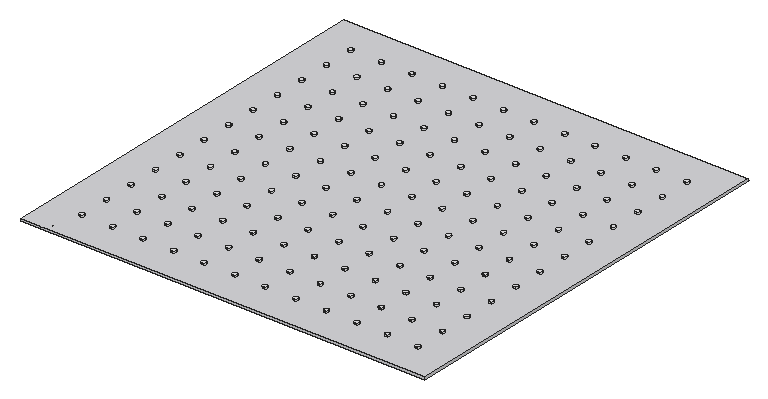
Revit family "Shower-Showerhead-KOHLER-Rainheads-K-9301IN_1", category Plumbing Fixtures, host Face, Revit 2017
Family settings
  Host = Face
  Round Connector Dimension = Use Diameter
  Part Type = Normal
  OmniClass Number = 23.31.17.00
  OmniClass Title = Showers
  Cut with Voids When Loaded = No
  Shared = No
  Room Calculation Point = No
Parameters (values of type "CP-Polished Chrome")
  Width = 15 15/128"  # constant formula
  WaterSense Certified = 1 = 0  # no
  Waste Water Outlet = "Waste Water Outlet"  # constant formula
  Waste Connection = 1 = 0  # no
  Vent Connection = 1 = 0  # no
  URL = "https://www.kohler.co.in/"
  Type = 1
  Tempered Water Inlet = "Tempered Water Inlet"  # constant formula
  Product Page URL = ""
  Product Name = "Rainheads"  # constant formula
  Product Documentation Link = ""
  Pressure = 80.00 psi  # constant formula
  Panel Thickness = 0"
  Model = "K-9301IN-CP"  # constant formula
  Material = "Premium Metal Construction"  # constant formula
  Master Format 2014 Name = "Residential Showers"  # constant formula
  Master Format 2014 = "22 42 23"  # constant formula
  Manufacturer Address = "Ambience Office Tower NH-8 Gurgaon / Gurugram Haryana , 122001"  # constant formula
  Manufacturer = "KOHLER Co."  # constant formula
  Length = 15 15/128"  # constant formula
  Hot Water Inlet = "Hot Water Inlet"  # constant formula
  Height = 2 103/256"  # constant formula
  HW Connection = 1 = 1  # yes
  Flow Rate = 2.5 GPM  # constant formula
  Finish = Kohler-Metal-CP-Polished_Chrome
  Environmental Product Declaration = ""
  Drain Included = 1 = 0  # no
  Description = "Loure square 381mm ultra thin showerhead"  # constant formula
  Default Elevation = 0"
  Declare Label = ""
  Date Modified = "11/03/2020"  # constant formula
  Date Created = "11/03/2020"  # constant formula
  Copyright = "Copyright KOHLER Co."  # constant formula
  Contact Us = "https://www.kohler.co.in/contact-us"
  Cold Water Inlet = "Cold Water Inlet"  # constant formula
  CW Connection = 1 = 0  # no
  Assembly Code = "D2010700"
  ADA Compliant = 1 = 0  # no
Reference planes (in)
  plane 1 "Center (Front/Back)": y = 0
  plane 2: z = 0
  plane 3 "Center (Left/Right)": x = 0
  plane 4: y = 0.49606
  plane 5: y = -0.49606
  plane 6: z = 2.40234
  plane 7: y = 7.55906
  plane 8: x = -7.55906
  plane 9: x = 7.55813
  plane 10: y = -7.55813
  plane 11: x = -0.49609
  plane 12: x = 0.49609
Dimensions and locks (in)
  "Height": plane 6 to level
  "Width": plane 8 to plane 9
  "Length": plane 10 to plane 7
  aligned and locked: plane 2 to host face
  aligned and locked: level to host face
  aligned and locked: plane 4 to nested 1
  aligned and locked: plane 11 to nested 1
Automatic sketch dimensions
  host sketch curve to host sketch curve = 96"  (x2)
Nested families (in)
  nested 1: "K-9301IN" at (0, 0, 0), type "K-9301IN"
Connectors (in)
  piping at (0, 0, 0), diameter 0.5, driven by "HW Connection", driven by "Tempered Water Inlet", driven by "Flow Rate", driven by "Pressure"
    settings: on nested 1, index 1, connector inside diameter 24", connector length 0", flow factor 0, pipe flow 2.5 GPM, pressure drop 80.00 psi, fitting loss kfactor 0, connector angle 0.00°, fixture units 0, engagement length 0", angle of deflection 0.00°, flow configuration 1, flow direction 1, fitting loss method 4, system type 19, joint type 0, gender type 0, connector reference index -1, connector utility 1, adjustable connector no, is connector primary yes, connector description "Tempered Water Inlet"
Definition of nested family "K-9301IN"
  Parameters (values of type "K-9301IN")
    Material = none
  Reference planes (in)
    plane 1 "Center (Front/Back)": y = 0
    plane 2: z = 0
    plane 3 "Center (Left/Right)": x = 0
    plane 4: y = 0.49606
    plane 5: y = -0.49606
    plane 6: z = 2.40159
    plane 7: y = 7.55906
    plane 8: y = -7.55906
    plane 9: x = -7.55906
    plane 10: x = 7.55906
    plane 11: x = -0.49609
    plane 12: x = 0.49609
  Forms (in)
    Revolve 1, solid, material <- "Material", detail levels medium+fine
      sketch origin (0, 0, 0) x (0, 1, 0) y (0, 0, 1)
        loop
          line (0, 0) -> (0, 2.06693) -> (-0.7185, 2.06693) -> (-0.7185, 0.98819) -> (-0.44205, 0.98819)
          arc (-0.44205, 0.98819) -> (-0.3934, 0.92375) -> (-0.33489, 0.86809) r 0.49361
          arc (-0.33489, 0.86809) -> (-0.30972, 0.80361) -> (-0.3526, 0.74926) r 0.06965
          arc (-0.3526, 0.74926) -> (-0.45684, 0.665) -> (-0.49606, 0.53684) r 0.22899
          line (-0.49606, 0.53684) -> (-0.49606, 0.01986)
          arc (-0.49606, 0.01986) -> (-0.49025, 0.00582) -> (-0.4762, 0) r 0.01986
          line (-0.4762, 0) -> (0, 0)
        axis (0, 2.06693) -> (0, 0)
      angle from 0 to 360
    Extrusion 2, solid, material <- "Material", detail levels medium+fine
      sketch origin (0, 0, 0) x (0, 1, 0) y (0, 0, 1)
        loop
          line (6.92913, 2.32283) -> (-6.92913, 2.32283) -> (-6.92913, 2.12297)
          arc (-6.92913, 2.12297) -> (-6.91272, 2.08334) -> (-6.8731, 2.06693) r 0.05604
          line (-6.8731, 2.06693) -> (6.8731, 2.06693)
          arc (6.8731, 2.06693) -> (6.91272, 2.08334) -> (6.92913, 2.12297) r 0.05604
          line (6.92913, 2.12297) -> (6.92913, 2.32283)
      from -6.92913 to 6.92913
    Extrusion 3, solid, material <- "Material", detail levels medium+fine
      sketch origin (0, 0, 0) x (1, 0, 0) y (0, 0, 1)
        loop
          line (-7.55906, 2.32283) -> (7.55906, 2.32283) -> (7.55906, 2.40159) -> (-7.55906, 2.40159) -> (-7.55906, 2.32283)
      from -7.55906 to 7.55906
    Extrusion 4, solid, detail levels medium+fine
      sketch origin (0, 0, 0) x (1, 0, 0) y (0, 1, 0)
        loop
          circle (-0.57052, 6.28093) r 0.08381
        loop
          circle (-1.71358, 6.28093) r 0.08381
        loop
          circle (-2.85405, 6.28093) r 0.08381
        loop
          circle (-4.00018, 6.28093) r 0.08381
        loop
          circle (-5.13738, 6.28093) r 0.08381
        loop
          circle (-6.28188, 6.28093) r 0.08381
        loop
          circle (-6.28188, 5.13698) r 0.08381
        loop
          circle (-5.13743, 5.13698) r 0.08381
        loop
          circle (-3.99214, 5.13698) r 0.08381
        loop
          circle (-2.8546, 5.13698) r 0.08381
        loop
          circle (-1.71395, 5.13698) r 0.08381
        loop
          circle (-0.5698, 5.13698) r 0.08381
        loop
          circle (-0.5698, 3.98727) r 0.08381
        loop
          circle (-1.71268, 3.98727) r 0.08381
        loop
          circle (-2.85685, 3.98727) r 0.08381
        loop
          circle (-3.99496, 3.98727) r 0.08381
        loop
          circle (-5.13601, 3.98727) r 0.08381
        loop
          circle (-6.27903, 3.98727) r 0.08381
        loop
          circle (-6.27903, 2.84953) r 0.08381
        loop
          circle (-5.13782, 2.84953) r 0.08381
        loop
          circle (-3.99267, 2.84953) r 0.08381
        loop
          circle (-2.85369, 2.84953) r 0.08381
        loop
          circle (-1.70991, 2.84953) r 0.08381
        loop
          circle (-0.57088, 2.84953) r 0.08381
        loop
          circle (-0.57088, 1.70925) r 0.08381
        loop
          circle (-1.71034, 1.70925) r 0.08381
        loop
          circle (-2.85346, 1.70925) r 0.08381
        loop
          circle (-3.99568, 1.70925) r 0.08381
        loop
          circle (-5.13657, 1.70925) r 0.08381
        loop
          circle (-6.27901, 1.70925) r 0.08381
        loop
          circle (-6.27901, 0.56971) r 0.08381
        loop
          circle (-5.13921, 0.56971) r 0.08381
        loop
          circle (-3.9962, 0.56971) r 0.08381
        loop
          circle (-2.84787, 0.56971) r 0.08381
        loop
          circle (-1.70725, 0.56971) r 0.08381
        loop
          circle (-0.57244, 0.56971) r 0.08381
        loop
          circle (-0.57244, -0.5744) r 0.08381
        loop
          circle (-1.71575, -0.5744) r 0.08381
        loop
          circle (-2.85712, -0.5744) r 0.08381
        loop
          circle (-3.99316, -0.5744) r 0.08381
        loop
          circle (-5.1314, -0.5744) r 0.08381
        loop
          circle (-6.27895, -0.5744) r 0.08381
        loop
          circle (-0.57052, -6.28093) r 0.08381
        loop
          circle (-1.71358, -6.28093) r 0.08381
        loop
          circle (-2.85405, -6.28093) r 0.08381
        loop
          circle (-4.00018, -6.28093) r 0.08381
        loop
          circle (-5.13738, -6.28093) r 0.08381
        loop
          circle (-6.28188, -6.28093) r 0.08381
        loop
          circle (-6.28188, -5.13698) r 0.08381
        loop
          circle (-5.13743, -5.13698) r 0.08381
        loop
          circle (-3.99214, -5.13698) r 0.08381
        loop
          circle (-2.8546, -5.13698) r 0.08381
        loop
          circle (-1.71395, -5.13698) r 0.08381
        loop
          circle (-0.5698, -5.13698) r 0.08381
        loop
          circle (-0.5698, -3.98727) r 0.08381
        loop
          circle (-1.71268, -3.98727) r 0.08381
        loop
          circle (-2.85685, -3.98727) r 0.08381
        loop
          circle (-3.99496, -3.98727) r 0.08381
        loop
          circle (-5.13601, -3.98727) r 0.08381
        loop
          circle (-6.27903, -3.98727) r 0.08381
        loop
          circle (-6.27903, -2.84953) r 0.08381
        loop
          circle (-5.13782, -2.84953) r 0.08381
        loop
          circle (-3.99267, -2.84953) r 0.08381
        loop
          circle (-2.85369, -2.84953) r 0.08381
        loop
          circle (-1.70991, -2.84953) r 0.08381
        loop
          circle (-0.57088, -2.84953) r 0.08381
        loop
          circle (-0.57088, -1.70925) r 0.08381
        loop
          circle (-1.71034, -1.70925) r 0.08381
        loop
          circle (-2.85346, -1.70925) r 0.08381
        loop
          circle (-3.99568, -1.70925) r 0.08381
        loop
          circle (-5.13657, -1.70925) r 0.08381
        loop
          circle (-6.27901, -1.70925) r 0.08381
        loop
          circle (0.57052, 6.28093) r 0.08381
        loop
          circle (1.71358, 6.28093) r 0.08381
        loop
          circle (2.85405, 6.28093) r 0.08381
        loop
          circle (4.00018, 6.28093) r 0.08381
        loop
          circle (5.13738, 6.28093) r 0.08381
        loop
          circle (6.28188, 6.28093) r 0.08381
        loop
          circle (6.28188, 5.13698) r 0.08381
        loop
          circle (5.13743, 5.13698) r 0.08381
        loop
          circle (3.99214, 5.13698) r 0.08381
        loop
          circle (2.8546, 5.13698) r 0.08381
        loop
          circle (1.71395, 5.13698) r 0.08381
        loop
          circle (0.5698, 5.13698) r 0.08381
        loop
          circle (0.5698, 3.98727) r 0.08381
        loop
          circle (1.71268, 3.98727) r 0.08381
        loop
          circle (2.85685, 3.98727) r 0.08381
        loop
          circle (3.99496, 3.98727) r 0.08381
        loop
          circle (5.13601, 3.98727) r 0.08381
        loop
          circle (6.27903, 3.98727) r 0.08381
        loop
          circle (6.27903, 2.84953) r 0.08381
        loop
          circle (5.13782, 2.84953) r 0.08381
        loop
          circle (3.99267, 2.84953) r 0.08381
        loop
          circle (2.85369, 2.84953) r 0.08381
        loop
          circle (1.70991, 2.84953) r 0.08381
        loop
          circle (0.57088, 2.84953) r 0.08381
        loop
          circle (0.57088, 1.70925) r 0.08381
        loop
          circle (1.71034, 1.70925) r 0.08381
        loop
          circle (2.85346, 1.70925) r 0.08381
        loop
          circle (3.99568, 1.70925) r 0.08381
        loop
          circle (5.13657, 1.70925) r 0.08381
        loop
          circle (6.27901, 1.70925) r 0.08381
        loop
          circle (6.27901, 0.56971) r 0.08381
        loop
          circle (5.13921, 0.56971) r 0.08381
        loop
          circle (3.9962, 0.56971) r 0.08381
        loop
          circle (2.84787, 0.56971) r 0.08381
        loop
          circle (1.70725, 0.56971) r 0.08381
        loop
          circle (0.57244, 0.56971) r 0.08381
        loop
          circle (0.57244, -0.5744) r 0.08381
        loop
          circle (1.71575, -0.5744) r 0.08381
        loop
          circle (2.85712, -0.5744) r 0.08381
        loop
          circle (3.99316, -0.5744) r 0.08381
        loop
          circle (5.1314, -0.5744) r 0.08381
        loop
          circle (6.27895, -0.5744) r 0.08381
        loop
          circle (0.57052, -6.28093) r 0.08381
        loop
          circle (1.71358, -6.28093) r 0.08381
        loop
          circle (2.85405, -6.28093) r 0.08381
        loop
          circle (4.00018, -6.28093) r 0.08381
        loop
          circle (5.13738, -6.28093) r 0.08381
        loop
          circle (6.28188, -6.28093) r 0.08381
        loop
          circle (6.28188, -5.13698) r 0.08381
        loop
          circle (5.13743, -5.13698) r 0.08381
        loop
          circle (3.99214, -5.13698) r 0.08381
        loop
          circle (2.8546, -5.13698) r 0.08381
        loop
          circle (1.71395, -5.13698) r 0.08381
        loop
          circle (0.5698, -5.13698) r 0.08381
        loop
          circle (0.5698, -3.98727) r 0.08381
        loop
          circle (1.71268, -3.98727) r 0.08381
        loop
          circle (2.85685, -3.98727) r 0.08381
        loop
          circle (3.99496, -3.98727) r 0.08381
        loop
          circle (5.13601, -3.98727) r 0.08381
        loop
          circle (6.27903, -3.98727) r 0.08381
        loop
          circle (6.27903, -2.84953) r 0.08381
        loop
          circle (5.13782, -2.84953) r 0.08381
        loop
          circle (3.99267, -2.84953) r 0.08381
        loop
          circle (2.85369, -2.84953) r 0.08381
        loop
          circle (1.70991, -2.84953) r 0.08381
        loop
          circle (0.57088, -2.84953) r 0.08381
        loop
          circle (0.57088, -1.70925) r 0.08381
        loop
          circle (1.71034, -1.70925) r 0.08381
        loop
          circle (2.85346, -1.70925) r 0.08381
        loop
          circle (3.99568, -1.70925) r 0.08381
        loop
          circle (5.13657, -1.70925) r 0.08381
        loop
          circle (6.27901, -1.70925) r 0.08381
      from 2.25866 to 2.43036
    Extrusion 5, void
      sketch origin (0, 0, 0) x (0, 1, 0) y (0, 0, 1)
        loop
          line (0.19852, 0.16897) -> (0.19852, 0.53681)
          arc (0.19852, 0.53681) -> (0.18724, 0.58248) -> (0.15601, 0.61766) r 0.09816
          arc (0.15601, 0.61766) -> (0.08169, 0.65443) -> (0, 0.66867) r 0.29005
          arc (0, 0.66867) -> (-0.08169, 0.65443) -> (-0.15601, 0.61766) r 0.29005
          arc (-0.15601, 0.61766) -> (-0.18724, 0.58248) -> (-0.19852, 0.53681) r 0.09816
          line (-0.19852, 0.53681) -> (-0.19852, 0.16897)
          arc (-0.19852, 0.16897) -> (0, 0.12746) -> (0.19852, 0.16897) r 0.49544
      from 0.4315 to 0.68898
    Extrusion 6, void
      sketch origin (0, 0, 0) x (0, 1, 0) y (0, 0, 1)
        loop
          line (-0.20327, 1.46143) -> (-0.20327, 0.98819) -> (0.20551, 0.98819) -> (0.20551, 1.46143) -> (-0.20327, 1.46143)
      from 0.65066 to 1.01107
    Extrusion 7, void
      sketch origin (0, 0, 0) x (0, 1, 0) y (0, 0, 1)
        loop
          arc (0.19852, 0.53684) -> (0.18774, 0.58017) -> (0.15793, 0.61341) r 0.09254
          arc (0.15793, 0.61341) -> (0.0826, 0.65055) -> (0, 0.66575) r 0.30515
          arc (0, 0.66575) -> (-0.0826, 0.65055) -> (-0.15793, 0.61341) r 0.30515
          arc (-0.15793, 0.61341) -> (-0.18932, 0.57706) -> (-0.19825, 0.52987) r 0.09254
          line (-0.19825, 0.52987) -> (-0.19825, 0.16774)
          arc (-0.19825, 0.16774) -> (0.00014, 0.12745) -> (0.19852, 0.16785) r 0.50786
          line (0.19852, 0.16785) -> (0.19852, 0.53684)
      from -0.75336 to -0.46987
    Extrusion 8, void
      sketch origin (0, 0, 0) x (0, 1, 0) y (0, 0, 1)
        loop
          line (0.20386, 1.46462) -> (-0.20426, 1.46462) -> (-0.20426, 0.98819) -> (0.20386, 0.98819) -> (0.20386, 1.46462)
      from -0.91154 to -0.64986
    Revolve 9, solid, material <- "Material", detail levels coarse
      sketch origin (0, 0, 0) x (0, 1, 0) y (0, 0, 1)
        loop
          line (0, 0) -> (0.54127, 0) -> (0.54127, 0.59055)
          arc (0.54127, 0.59055) -> (0.49577, 0.78937) -> (0.54127, 0.98819) r 0.45715
          line (0.54127, 0.98819) -> (0.76119, 0.98819) -> (0.76119, 2.11735) -> (0, 2.11735) -> (0, 0)
        axis (0, 2.11735) -> (0, 0)
      angle from 0 to 360
    Extrusion 10, solid, material <- "Material", detail levels coarse
      sketch origin (0, 0, 0) x (0, 1, 0) y (0, 0, 1)
        loop
          line (0, 2.06693) -> (7.67717, 2.06693) -> (7.67717, 2.53878) -> (0, 2.53878) -> (-7.67717, 2.53878) -> (-7.67717, 2.06693) -> (0, 2.06693)
      from -7.55906 to 7.55906
    Extrusion 11, solid, material <- "Material"
      sketch origin (0, 0, 0) x (1, 0, 0) y (0, 1, 0)
        loop
          circle (0, 0) r 0.11875
      from 0 to 0.07029
  Cuts and joins
    Extrusion 5, Extrusion 6, Extrusion 7, Extrusion 8 cuts Revolve 1
    joined: Revolve 1, Extrusion 2, Extrusion 3
  Lines and regions (in)
    Masking region 1
      outline origin (0, 0, 0) x (0, 1, 0) y (0, 0, 1)
        loop
          line (0, 0) -> (0.47576, 0)
          arc (0.47576, 0) -> (0.49021, 0.00604) -> (0.49606, 0.02056) r 0.0203
          line (0.49606, 0.02056) -> (0.49606, 0.55063)
          arc (0.49606, 0.55063) -> (0.48573, 0.61182) -> (0.45587, 0.66623) r 0.18633
          arc (0.45587, 0.66623) -> (0.41889, 0.71048) -> (0.36992, 0.74094) r 0.18191
          arc (0.36992, 0.74094) -> (0.35401, 0.7489) -> (0.33821, 0.7571) r 1.21804
          arc (0.33821, 0.7571) -> (0.30933, 0.81446) -> (0.33821, 0.87181) r 0.0714
          arc (0.33821, 0.87181) -> (0.3961, 0.92468) -> (0.44205, 0.98819) r 0.38408
          line (0.44205, 0.98819) -> (0.7185, 0.98819) -> (0.7185, 2.06693) -> (6.8731, 2.06693)
          arc (6.8731, 2.06693) -> (6.91272, 2.08334) -> (6.92913, 2.12297) r 0.05604
          line (6.92913, 2.12297) -> (6.92913, 2.32283) -> (7.55906, 2.32283) -> (7.55906, 2.40159) -> (6.36459, 2.40159) -> (6.36459, 2.43284) -> (6.19668, 2.43284) -> (6.19668, 2.40159) -> (5.22081, 2.40159) -> (5.22081, 2.43349) -> (5.05283, 2.43349) -> (5.05283, 2.40159) -> (4.07111, 2.40159) -> (4.07111, 2.43294) -> (3.90336, 2.43294) -> (3.90336, 2.40159) -> (2.93357, 2.40159) -> (2.93357, 2.4334) -> (2.76546, 2.4334) -> (2.76546, 2.40159) -> (1.79296, 2.40159) -> (1.79296, 2.43549) -> (1.62546, 2.43549) -> (1.62546, 2.40159) -> (0.65318, 2.40159) -> (0.65318, 2.433) -> (0.48349, 2.433) -> (0.48349, 2.40159) -> (0, 2.40159) -> (-0.48349, 2.40159) -> (-0.48349, 2.433) -> (-0.65318, 2.433) -> (-0.65318, 2.40159) -> (-1.62546, 2.40159) -> (-1.62546, 2.43549) -> (-1.79296, 2.43549) -> (-1.79296, 2.40159) -> (-2.76546, 2.40159) -> (-2.76546, 2.4334) -> (-2.93357, 2.4334) -> (-2.93357, 2.40159) -> (-3.90336, 2.40159) -> (-3.90336, 2.43294) -> (-4.07111, 2.43294) -> (-4.07111, 2.40159) -> (-5.05283, 2.40159) -> (-5.05283, 2.43349) -> (-5.22081, 2.43349) -> (-5.22081, 2.40159) -> (-6.19668, 2.40159) -> (-6.19668, 2.43284) -> (-6.36459, 2.43284) -> (-6.36459, 2.40159) -> (-7.55906, 2.40159) -> (-7.55906, 2.32283) -> (-6.92913, 2.32283) -> (-6.92913, 2.12297)
          arc (-6.92913, 2.12297) -> (-6.91272, 2.08334) -> (-6.8731, 2.06693) r 0.05604
          line (-6.8731, 2.06693) -> (-0.7185, 2.06693) -> (-0.7185, 0.98819) -> (-0.44205, 0.98819)
          arc (-0.44205, 0.98819) -> (-0.3961, 0.92468) -> (-0.33821, 0.87181) r 0.38408
          arc (-0.33821, 0.87181) -> (-0.30933, 0.81446) -> (-0.33821, 0.7571) r 0.0714
          arc (-0.33821, 0.7571) -> (-0.35401, 0.7489) -> (-0.36992, 0.74094) r 1.21804
          arc (-0.36992, 0.74094) -> (-0.41889, 0.71048) -> (-0.45587, 0.66623) r 0.18191
          arc (-0.45587, 0.66623) -> (-0.48573, 0.61182) -> (-0.49606, 0.55063) r 0.18633
          line (-0.49606, 0.55063) -> (-0.49606, 0.02056)
          arc (-0.49606, 0.02056) -> (-0.49021, 0.00604) -> (-0.47576, 0) r 0.0203
          line (-0.47576, 0) -> (0, 0)
    Masking region 2
      outline origin (0, 0, 0) x (1, 0, 0) y (0, 0, 1)
        loop
          line (-0.46987, 0.15308) -> (-0.49609, 0.12686) -> (-0.49609, 0.02025)
          arc (-0.49609, 0.02025) -> (-0.48843, 0.00379) -> (-0.47069, 0) r 0.02034
          line (-0.47069, 0) -> (0, 0) -> (0.47069, 0)
          arc (0.47069, 0) -> (0.48843, 0.00379) -> (0.49609, 0.02025) r 0.02034
          line (0.49609, 0.02025) -> (0.49609, 0.12686) -> (0.46987, 0.15308) -> (0.46987, 0.64318)
          arc (0.46987, 0.64318) -> (0.43088, 0.69828) -> (0.37579, 0.73727) r 0.19998
          arc (0.37579, 0.73727) -> (0.3571, 0.74691) -> (0.33902, 0.75765) r 0.35118
          arc (0.33902, 0.75765) -> (0.30824, 0.80932) -> (0.33153, 0.86477) r 0.06673
          arc (0.33153, 0.86477) -> (0.39117, 0.9228) -> (0.44266, 0.98819) r 0.63045
          line (0.44266, 0.98819) -> (0.68886, 0.98819) -> (0.68886, 1.46462) -> (0.72431, 1.46462) -> (0.72431, 2.06693) -> (6.92913, 2.06693) -> (6.92913, 2.32283) -> (7.55906, 2.32283) -> (7.55906, 2.40159) -> (6.36587, 2.40159) -> (6.36587, 2.43319) -> (6.19504, 2.43319) -> (6.19504, 2.40159) -> (5.22291, 2.40159) -> (5.22291, 2.43369) -> (5.04642, 2.43369) -> (5.04642, 2.40159) -> (4.08397, 2.40159) -> (4.08397, 2.43236) -> (3.90744, 2.43236) -> (3.90744, 2.40159) -> (2.94094, 2.40159) -> (2.94094, 2.43288) -> (2.76401, 2.43288) -> (2.76401, 2.40159) -> (1.79951, 2.40159) -> (1.79951, 2.4328) -> (1.62193, 2.4328) -> (1.62193, 2.40159) -> (0.65612, 2.40159) -> (0.65612, 2.43291) -> (0.48315, 2.43291) -> (0.48315, 2.40159) -> (0, 2.40159) -> (-0.48315, 2.40159) -> (-0.48315, 2.43291) -> (-0.65612, 2.43291) -> (-0.65612, 2.40159) -> (-1.62193, 2.40159) -> (-1.62193, 2.4328) -> (-1.79951, 2.4328) -> (-1.79951, 2.40159) -> (-2.76401, 2.40159) -> (-2.76401, 2.43288) -> (-2.94094, 2.43288) -> (-2.94094, 2.40159) -> (-3.90744, 2.40159) -> (-3.90744, 2.43236) -> (-4.08397, 2.43236) -> (-4.08397, 2.40159) -> (-5.04642, 2.40159) -> (-5.04642, 2.43369) -> (-5.22291, 2.43369) -> (-5.22291, 2.40159) -> (-6.19504, 2.40159) -> (-6.19504, 2.43319) -> (-6.36587, 2.43319) -> (-6.36587, 2.40159) -> (-7.55906, 2.40159) -> (-7.55906, 2.32283) -> (-6.92913, 2.32283) -> (-6.92913, 2.06693) -> (-0.72431, 2.06693) -> (-0.72431, 1.46462) -> (-0.68886, 1.46462) -> (-0.68886, 0.98819) -> (-0.44266, 0.98819)
          arc (-0.44266, 0.98819) -> (-0.39117, 0.9228) -> (-0.33153, 0.86477) r 0.63045
          arc (-0.33153, 0.86477) -> (-0.30824, 0.80932) -> (-0.33902, 0.75765) r 0.06673
          arc (-0.33902, 0.75765) -> (-0.3571, 0.74691) -> (-0.37579, 0.73727) r 0.35118
          arc (-0.37579, 0.73727) -> (-0.43088, 0.69828) -> (-0.46987, 0.64318) r 0.19998
          line (-0.46987, 0.64318) -> (-0.46987, 0.15308)
    Masking region 3
      outline origin (0, 0, 0) x (1, 0, 0) y (0, 1, 0)
        loop
          line (7.55906, 7.55906) -> (-7.55906, 7.55906) -> (-7.55906, -7.55906) -> (7.55906, -7.55906) -> (7.55906, 7.55906)
    symbolic lines, detail levels medium+fine
      curve 1: arc (-6.19806, 6.28093, 0) -> (-6.28188, 6.36475, 0) -> (-6.36569, 6.28093, 0) r 0.08381
      curve 2: arc (-6.36569, 6.28093, 0) -> (-6.28188, 6.19712, 0) -> (-6.19806, 6.28093, 0) r 0.08381
      curve 3: arc (-5.05356, 6.28093, 0) -> (-5.13738, 6.36475, 0) -> (-5.22119, 6.28093, 0) r 0.08381
      curve 4: arc (-5.22119, 6.28093, 0) -> (-5.13738, 6.19712, 0) -> (-5.05356, 6.28093, 0) r 0.08381
      curve 5: arc (-3.91637, 6.28093, 0) -> (-4.00018, 6.36475, 0) -> (-4.084, 6.28093, 0) r 0.08381
      curve 6: arc (-4.084, 6.28093, 0) -> (-4.00018, 6.19712, 0) -> (-3.91637, 6.28093, 0) r 0.08381
      curve 7: arc (-2.77023, 6.28093, 0) -> (-2.85405, 6.36475, 0) -> (-2.93786, 6.28093, 0) r 0.08381
      curve 8: arc (-2.93786, 6.28093, 0) -> (-2.85405, 6.19712, 0) -> (-2.77023, 6.28093, 0) r 0.08381
      curve 9: arc (-1.62976, 6.28093, 0) -> (-1.71358, 6.36475, 0) -> (-1.79739, 6.28093, 0) r 0.08381
      curve 10: arc (-1.79739, 6.28093, 0) -> (-1.71358, 6.19712, 0) -> (-1.62976, 6.28093, 0) r 0.08381
      curve 11: arc (-0.48671, 6.28093, 0) -> (-0.57052, 6.36475, 0) -> (-0.65433, 6.28093, 0) r 0.08381
      curve 12: arc (-0.65433, 6.28093, 0) -> (-0.57052, 6.19712, 0) -> (-0.48671, 6.28093, 0) r 0.08381
      curve 13: arc (-6.19806, 5.13698, 0) -> (-6.28188, 5.22079, 0) -> (-6.36569, 5.13698, 0) r 0.08381
      curve 14: arc (-6.36569, 5.13698, 0) -> (-6.28188, 5.05316, 0) -> (-6.19806, 5.13698, 0) r 0.08381
      curve 15: arc (-5.05361, 5.13698, 0) -> (-5.13743, 5.22079, 0) -> (-5.22124, 5.13698, 0) r 0.08381
      curve 16: arc (-5.22124, 5.13698, 0) -> (-5.13743, 5.05316, 0) -> (-5.05361, 5.13698, 0) r 0.08381
      curve 17: arc (-3.90832, 5.13698, 0) -> (-3.99214, 5.22079, 0) -> (-4.07595, 5.13698, 0) r 0.08381
      curve 18: arc (-4.07595, 5.13698, 0) -> (-3.99214, 5.05316, 0) -> (-3.90832, 5.13698, 0) r 0.08381
      curve 19: arc (-2.77079, 5.13698, 0) -> (-2.8546, 5.22079, 0) -> (-2.93842, 5.13698, 0) r 0.08381
      curve 20: arc (-2.93842, 5.13698, 0) -> (-2.8546, 5.05316, 0) -> (-2.77079, 5.13698, 0) r 0.08381
      curve 21: arc (-1.63014, 5.13698, 0) -> (-1.71395, 5.22079, 0) -> (-1.79777, 5.13698, 0) r 0.08381
      curve 22: arc (-1.79777, 5.13698, 0) -> (-1.71395, 5.05316, 0) -> (-1.63014, 5.13698, 0) r 0.08381
      curve 23: arc (-0.48598, 5.13698, 0) -> (-0.5698, 5.22079, 0) -> (-0.65361, 5.13698, 0) r 0.08381
      curve 24: arc (-0.65361, 5.13698, 0) -> (-0.5698, 5.05316, 0) -> (-0.48598, 5.13698, 0) r 0.08381
      curve 25: arc (-6.19522, 3.98727, 0) -> (-6.27903, 4.07109, 0) -> (-6.36285, 3.98727, 0) r 0.08381
      curve 26: arc (-6.36285, 3.98727, 0) -> (-6.27903, 3.90346, 0) -> (-6.19522, 3.98727, 0) r 0.08381
      curve 27: arc (-5.0522, 3.98727, 0) -> (-5.13601, 4.07109, 0) -> (-5.21983, 3.98727, 0) r 0.08381
      curve 28: arc (-5.21983, 3.98727, 0) -> (-5.13601, 3.90346, 0) -> (-5.0522, 3.98727, 0) r 0.08381
      curve 29: arc (-3.91114, 3.98727, 0) -> (-3.99496, 4.07109, 0) -> (-4.07877, 3.98727, 0) r 0.08381
      curve 30: arc (-4.07877, 3.98727, 0) -> (-3.99496, 3.90346, 0) -> (-3.91114, 3.98727, 0) r 0.08381
      curve 31: arc (-2.77304, 3.98727, 0) -> (-2.85685, 4.07109, 0) -> (-2.94067, 3.98727, 0) r 0.08381
      curve 32: arc (-2.94067, 3.98727, 0) -> (-2.85685, 3.90346, 0) -> (-2.77304, 3.98727, 0) r 0.08381
      curve 33: arc (-1.62887, 3.98727, 0) -> (-1.71268, 4.07109, 0) -> (-1.7965, 3.98727, 0) r 0.08381
      curve 34: arc (-1.7965, 3.98727, 0) -> (-1.71268, 3.90346, 0) -> (-1.62887, 3.98727, 0) r 0.08381
      curve 35: arc (-0.48598, 3.98727, 0) -> (-0.5698, 4.07109, 0) -> (-0.65361, 3.98727, 0) r 0.08381
      curve 36: arc (-0.65361, 3.98727, 0) -> (-0.5698, 3.90346, 0) -> (-0.48598, 3.98727, 0) r 0.08381
      curve 37: arc (-0.65469, 2.84953, 0) -> (-0.57088, 2.76571, 0) -> (-0.48706, 2.84953, 0) r 0.08381
      curve 38: arc (-0.48706, 2.84953, 0) -> (-0.57088, 2.93334, 0) -> (-0.65469, 2.84953, 0) r 0.08381
      curve 39: arc (-1.79372, 2.84953, 0) -> (-1.70991, 2.76571, 0) -> (-1.62609, 2.84953, 0) r 0.08381
      curve 40: arc (-1.62609, 2.84953, 0) -> (-1.70991, 2.93334, 0) -> (-1.79372, 2.84953, 0) r 0.08381
      curve 41: arc (-2.9375, 2.84953, 0) -> (-2.85369, 2.76571, 0) -> (-2.76987, 2.84953, 0) r 0.08381
      curve 42: arc (-2.76987, 2.84953, 0) -> (-2.85369, 2.93334, 0) -> (-2.9375, 2.84953, 0) r 0.08381
      curve 43: arc (-4.07649, 2.84953, 0) -> (-3.99267, 2.76571, 0) -> (-3.90886, 2.84953, 0) r 0.08381
      curve 44: arc (-3.90886, 2.84953, 0) -> (-3.99267, 2.93334, 0) -> (-4.07649, 2.84953, 0) r 0.08381
      curve 45: arc (-5.22164, 2.84953, 0) -> (-5.13782, 2.76571, 0) -> (-5.05401, 2.84953, 0) r 0.08381
      curve 46: arc (-5.05401, 2.84953, 0) -> (-5.13782, 2.93334, 0) -> (-5.22164, 2.84953, 0) r 0.08381
      curve 47: arc (-6.36285, 2.84953, 0) -> (-6.27903, 2.76571, 0) -> (-6.19522, 2.84953, 0) r 0.08381
      curve 48: arc (-6.19522, 2.84953, 0) -> (-6.27903, 2.93334, 0) -> (-6.36285, 2.84953, 0) r 0.08381
      curve 49: arc (-6.36283, 1.70925, 0) -> (-6.27901, 1.62544, 0) -> (-6.1952, 1.70925, 0) r 0.08381
      curve 50: arc (-6.1952, 1.70925, 0) -> (-6.27901, 1.79306, 0) -> (-6.36283, 1.70925, 0) r 0.08381
      curve 51: arc (-5.22038, 1.70925, 0) -> (-5.13657, 1.62544, 0) -> (-5.05275, 1.70925, 0) r 0.08381
      curve 52: arc (-5.05275, 1.70925, 0) -> (-5.13657, 1.79306, 0) -> (-5.22038, 1.70925, 0) r 0.08381
      curve 53: arc (-4.07949, 1.70925, 0) -> (-3.99568, 1.62544, 0) -> (-3.91187, 1.70925, 0) r 0.08381
      curve 54: arc (-3.91187, 1.70925, 0) -> (-3.99568, 1.79306, 0) -> (-4.07949, 1.70925, 0) r 0.08381
      curve 55: arc (-2.93727, 1.70925, 0) -> (-2.85346, 1.62544, 0) -> (-2.76964, 1.70925, 0) r 0.08381
      curve 56: arc (-2.76964, 1.70925, 0) -> (-2.85346, 1.79306, 0) -> (-2.93727, 1.70925, 0) r 0.08381
      curve 57: arc (-1.79416, 1.70925, 0) -> (-1.71034, 1.62544, 0) -> (-1.62653, 1.70925, 0) r 0.08381
      curve 58: arc (-1.62653, 1.70925, 0) -> (-1.71034, 1.79306, 0) -> (-1.79416, 1.70925, 0) r 0.08381
      curve 59: arc (-0.65469, 1.70925, 0) -> (-0.57088, 1.62544, 0) -> (-0.48706, 1.70925, 0) r 0.08381
      curve 60: arc (-0.48706, 1.70925, 0) -> (-0.57088, 1.79306, 0) -> (-0.65469, 1.70925, 0) r 0.08381
      curve 61: arc (-0.65626, 0.56971, 0) -> (-0.57244, 0.48589, 0) -> (-0.48863, 0.56971, 0) r 0.08381
      curve 62: arc (-0.48863, 0.56971, 0) -> (-0.57244, 0.65352, 0) -> (-0.65626, 0.56971, 0) r 0.08381
      curve 63: arc (-1.79107, 0.56971, 0) -> (-1.70725, 0.48589, 0) -> (-1.62344, 0.56971, 0) r 0.08381
      curve 64: arc (-1.62344, 0.56971, 0) -> (-1.70725, 0.65352, 0) -> (-1.79107, 0.56971, 0) r 0.08381
      curve 65: arc (-2.93169, 0.56971, 0) -> (-2.84787, 0.48589, 0) -> (-2.76406, 0.56971, 0) r 0.08381
      curve 66: arc (-2.76406, 0.56971, 0) -> (-2.84787, 0.65352, 0) -> (-2.93169, 0.56971, 0) r 0.08381
      curve 67: arc (-4.08002, 0.56971, 0) -> (-3.9962, 0.48589, 0) -> (-3.91239, 0.56971, 0) r 0.08381
      curve 68: arc (-3.91239, 0.56971, 0) -> (-3.9962, 0.65352, 0) -> (-4.08002, 0.56971, 0) r 0.08381
      curve 69: arc (-5.05539, 0.56971, 0) -> (-5.13921, 0.65352, 0) -> (-5.22302, 0.56971, 0) r 0.08381
      curve 70: arc (-5.22302, 0.56971, 0) -> (-5.13921, 0.48589, 0) -> (-5.05539, 0.56971, 0) r 0.08381
      curve 71: arc (-6.36283, 0.56971, 0) -> (-6.27901, 0.48589, 0) -> (-6.1952, 0.56971, 0) r 0.08381
      curve 72: arc (-6.1952, 0.56971, 0) -> (-6.27901, 0.65352, 0) -> (-6.36283, 0.56971, 0) r 0.08381
      curve 73: arc (-6.19806, -6.28093, 0) -> (-6.28188, -6.36475, 0) -> (-6.36569, -6.28093, 0) r 0.08381
      curve 74: arc (-6.36569, -6.28093, 0) -> (-6.28188, -6.19712, 0) -> (-6.19806, -6.28093, 0) r 0.08381
      curve 75: arc (-5.05356, -6.28093, 0) -> (-5.13738, -6.36475, 0) -> (-5.22119, -6.28093, 0) r 0.08381
      curve 76: arc (-5.22119, -6.28093, 0) -> (-5.13738, -6.19712, 0) -> (-5.05356, -6.28093, 0) r 0.08381
      curve 77: arc (-3.91637, -6.28093, 0) -> (-4.00018, -6.36475, 0) -> (-4.084, -6.28093, 0) r 0.08381
      curve 78: arc (-4.084, -6.28093, 0) -> (-4.00018, -6.19712, 0) -> (-3.91637, -6.28093, 0) r 0.08381
      curve 79: arc (-2.77023, -6.28093, 0) -> (-2.85405, -6.36475, 0) -> (-2.93786, -6.28093, 0) r 0.08381
      curve 80: arc (-2.93786, -6.28093, 0) -> (-2.85405, -6.19712, 0) -> (-2.77023, -6.28093, 0) r 0.08381
      curve 81: arc (-1.62976, -6.28093, 0) -> (-1.71358, -6.36475, 0) -> (-1.79739, -6.28093, 0) r 0.08381
      curve 82: arc (-1.79739, -6.28093, 0) -> (-1.71358, -6.19712, 0) -> (-1.62976, -6.28093, 0) r 0.08381
      curve 83: arc (-0.48671, -6.28093, 0) -> (-0.57052, -6.36475, 0) -> (-0.65433, -6.28093, 0) r 0.08381
      curve 84: arc (-0.65433, -6.28093, 0) -> (-0.57052, -6.19712, 0) -> (-0.48671, -6.28093, 0) r 0.08381
      curve 85: arc (-6.19806, -5.13698, 0) -> (-6.28188, -5.22079, 0) -> (-6.36569, -5.13698, 0) r 0.08381
      curve 86: arc (-6.36569, -5.13698, 0) -> (-6.28188, -5.05316, 0) -> (-6.19806, -5.13698, 0) r 0.08381
      curve 87: arc (-5.05361, -5.13698, 0) -> (-5.13743, -5.22079, 0) -> (-5.22124, -5.13698, 0) r 0.08381
      curve 88: arc (-5.22124, -5.13698, 0) -> (-5.13743, -5.05316, 0) -> (-5.05361, -5.13698, 0) r 0.08381
      curve 89: arc (-3.90832, -5.13698, 0) -> (-3.99214, -5.22079, 0) -> (-4.07595, -5.13698, 0) r 0.08381
      curve 90: arc (-4.07595, -5.13698, 0) -> (-3.99214, -5.05316, 0) -> (-3.90832, -5.13698, 0) r 0.08381
      curve 91: arc (-2.77079, -5.13698, 0) -> (-2.8546, -5.22079, 0) -> (-2.93842, -5.13698, 0) r 0.08381
      curve 92: arc (-2.93842, -5.13698, 0) -> (-2.8546, -5.05316, 0) -> (-2.77079, -5.13698, 0) r 0.08381
      curve 93: arc (-1.63014, -5.13698, 0) -> (-1.71395, -5.22079, 0) -> (-1.79777, -5.13698, 0) r 0.08381
      curve 94: arc (-1.79777, -5.13698, 0) -> (-1.71395, -5.05316, 0) -> (-1.63014, -5.13698, 0) r 0.08381
      curve 95: arc (-0.48598, -5.13698, 0) -> (-0.5698, -5.22079, 0) -> (-0.65361, -5.13698, 0) r 0.08381
      curve 96: arc (-0.65361, -5.13698, 0) -> (-0.5698, -5.05316, 0) -> (-0.48598, -5.13698, 0) r 0.08381
      curve 97: arc (-6.19522, -3.98727, 0) -> (-6.27903, -4.07109, 0) -> (-6.36285, -3.98727, 0) r 0.08381
      curve 98: arc (-6.36285, -3.98727, 0) -> (-6.27903, -3.90346, 0) -> (-6.19522, -3.98727, 0) r 0.08381
      curve 99: arc (-5.0522, -3.98727, 0) -> (-5.13601, -4.07109, 0) -> (-5.21983, -3.98727, 0) r 0.08381
      curve 100: arc (-5.21983, -3.98727, 0) -> (-5.13601, -3.90346, 0) -> (-5.0522, -3.98727, 0) r 0.08381
      curve 101: arc (-3.91114, -3.98727, 0) -> (-3.99496, -4.07109, 0) -> (-4.07877, -3.98727, 0) r 0.08381
      curve 102: arc (-4.07877, -3.98727, 0) -> (-3.99496, -3.90346, 0) -> (-3.91114, -3.98727, 0) r 0.08381
      curve 103: arc (-2.77304, -3.98727, 0) -> (-2.85685, -4.07109, 0) -> (-2.94067, -3.98727, 0) r 0.08381
      curve 104: arc (-2.94067, -3.98727, 0) -> (-2.85685, -3.90346, 0) -> (-2.77304, -3.98727, 0) r 0.08381
      curve 105: arc (-1.62887, -3.98727, 0) -> (-1.71268, -4.07109, 0) -> (-1.7965, -3.98727, 0) r 0.08381
      curve 106: arc (-1.7965, -3.98727, 0) -> (-1.71268, -3.90346, 0) -> (-1.62887, -3.98727, 0) r 0.08381
      curve 107: arc (-0.48598, -3.98727, 0) -> (-0.5698, -4.07109, 0) -> (-0.65361, -3.98727, 0) r 0.08381
      curve 108: arc (-0.65361, -3.98727, 0) -> (-0.5698, -3.90346, 0) -> (-0.48598, -3.98727, 0) r 0.08381
      curve 109: arc (-0.65469, -2.84953, 0) -> (-0.57088, -2.76571, 0) -> (-0.48706, -2.84953, 0) r 0.08381
      curve 110: arc (-0.48706, -2.84953, 0) -> (-0.57088, -2.93334, 0) -> (-0.65469, -2.84953, 0) r 0.08381
      curve 111: arc (-1.79372, -2.84953, 0) -> (-1.70991, -2.76571, 0) -> (-1.62609, -2.84953, 0) r 0.08381
      curve 112: arc (-1.62609, -2.84953, 0) -> (-1.70991, -2.93334, 0) -> (-1.79372, -2.84953, 0) r 0.08381
      curve 113: arc (-2.9375, -2.84953, 0) -> (-2.85369, -2.76571, 0) -> (-2.76987, -2.84953, 0) r 0.08381
      curve 114: arc (-2.76987, -2.84953, 0) -> (-2.85369, -2.93334, 0) -> (-2.9375, -2.84953, 0) r 0.08381
      curve 115: arc (-4.07649, -2.84953, 0) -> (-3.99267, -2.76571, 0) -> (-3.90886, -2.84953, 0) r 0.08381
      curve 116: arc (-3.90886, -2.84953, 0) -> (-3.99267, -2.93334, 0) -> (-4.07649, -2.84953, 0) r 0.08381
      curve 117: arc (-5.22164, -2.84953, 0) -> (-5.13782, -2.76571, 0) -> (-5.05401, -2.84953, 0) r 0.08381
      curve 118: arc (-5.05401, -2.84953, 0) -> (-5.13782, -2.93334, 0) -> (-5.22164, -2.84953, 0) r 0.08381
      curve 119: arc (-6.36285, -2.84953, 0) -> (-6.27903, -2.76571, 0) -> (-6.19522, -2.84953, 0) r 0.08381
      curve 120: arc (-6.19522, -2.84953, 0) -> (-6.27903, -2.93334, 0) -> (-6.36285, -2.84953, 0) r 0.08381
      curve 121: arc (-6.36283, -1.70925, 0) -> (-6.27901, -1.62544, 0) -> (-6.1952, -1.70925, 0) r 0.08381
      curve 122: arc (-6.1952, -1.70925, 0) -> (-6.27901, -1.79306, 0) -> (-6.36283, -1.70925, 0) r 0.08381
      curve 123: arc (-5.22038, -1.70925, 0) -> (-5.13657, -1.62544, 0) -> (-5.05275, -1.70925, 0) r 0.08381
      curve 124: arc (-5.05275, -1.70925, 0) -> (-5.13657, -1.79306, 0) -> (-5.22038, -1.70925, 0) r 0.08381
      curve 125: arc (-4.07949, -1.70925, 0) -> (-3.99568, -1.62544, 0) -> (-3.91187, -1.70925, 0) r 0.08381
      curve 126: arc (-3.91187, -1.70925, 0) -> (-3.99568, -1.79306, 0) -> (-4.07949, -1.70925, 0) r 0.08381
      curve 127: arc (-2.93727, -1.70925, 0) -> (-2.85346, -1.62544, 0) -> (-2.76964, -1.70925, 0) r 0.08381
      curve 128: arc (-2.76964, -1.70925, 0) -> (-2.85346, -1.79306, 0) -> (-2.93727, -1.70925, 0) r 0.08381
      curve 129: arc (-1.79416, -1.70925, 0) -> (-1.71034, -1.62544, 0) -> (-1.62653, -1.70925, 0) r 0.08381
      curve 130: arc (-1.62653, -1.70925, 0) -> (-1.71034, -1.79306, 0) -> (-1.79416, -1.70925, 0) r 0.08381
      curve 131: arc (-0.65469, -1.70925, 0) -> (-0.57088, -1.62544, 0) -> (-0.48706, -1.70925, 0) r 0.08381
      curve 132: arc (-0.48706, -1.70925, 0) -> (-0.57088, -1.79306, 0) -> (-0.65469, -1.70925, 0) r 0.08381
      curve 133: arc (-0.65626, -0.56971, 0) -> (-0.57244, -0.48589, 0) -> (-0.48863, -0.56971, 0) r 0.08381
      curve 134: arc (-0.48863, -0.56971, 0) -> (-0.57244, -0.65352, 0) -> (-0.65626, -0.56971, 0) r 0.08381
      curve 135: arc (-1.79107, -0.56971, 0) -> (-1.70725, -0.48589, 0) -> (-1.62344, -0.56971, 0) r 0.08381
      curve 136: arc (-1.62344, -0.56971, 0) -> (-1.70725, -0.65352, 0) -> (-1.79107, -0.56971, 0) r 0.08381
      curve 137: arc (-2.93169, -0.56971, 0) -> (-2.84787, -0.48589, 0) -> (-2.76406, -0.56971, 0) r 0.08381
      curve 138: arc (-2.76406, -0.56971, 0) -> (-2.84787, -0.65352, 0) -> (-2.93169, -0.56971, 0) r 0.08381
      curve 139: arc (-4.08002, -0.56971, 0) -> (-3.9962, -0.48589, 0) -> (-3.91239, -0.56971, 0) r 0.08381
      curve 140: arc (-3.91239, -0.56971, 0) -> (-3.9962, -0.65352, 0) -> (-4.08002, -0.56971, 0) r 0.08381
      curve 141: arc (-5.05539, -0.56971, 0) -> (-5.13921, -0.65352, 0) -> (-5.22302, -0.56971, 0) r 0.08381
      curve 142: arc (-5.22302, -0.56971, 0) -> (-5.13921, -0.48589, 0) -> (-5.05539, -0.56971, 0) r 0.08381
      curve 143: arc (-6.36283, -0.56971, 0) -> (-6.27901, -0.48589, 0) -> (-6.1952, -0.56971, 0) r 0.08381
      curve 144: arc (-6.1952, -0.56971, 0) -> (-6.27901, -0.65352, 0) -> (-6.36283, -0.56971, 0) r 0.08381
      curve 145: arc (6.19806, 6.28093, 0) -> (6.28188, 6.36475, 0) -> (6.36569, 6.28093, 0) r 0.08381
      curve 146: arc (6.36569, 6.28093, 0) -> (6.28188, 6.19712, 0) -> (6.19806, 6.28093, 0) r 0.08381
      curve 147: arc (5.05356, 6.28093, 0) -> (5.13738, 6.36475, 0) -> (5.22119, 6.28093, 0) r 0.08381
      curve 148: arc (5.22119, 6.28093, 0) -> (5.13738, 6.19712, 0) -> (5.05356, 6.28093, 0) r 0.08381
      curve 149: arc (3.91637, 6.28093, 0) -> (4.00018, 6.36475, 0) -> (4.084, 6.28093, 0) r 0.08381
      curve 150: arc (4.084, 6.28093, 0) -> (4.00018, 6.19712, 0) -> (3.91637, 6.28093, 0) r 0.08381
      curve 151: arc (2.77023, 6.28093, 0) -> (2.85405, 6.36475, 0) -> (2.93786, 6.28093, 0) r 0.08381
      curve 152: arc (2.93786, 6.28093, 0) -> (2.85405, 6.19712, 0) -> (2.77023, 6.28093, 0) r 0.08381
      curve 153: arc (1.62976, 6.28093, 0) -> (1.71358, 6.36475, 0) -> (1.79739, 6.28093, 0) r 0.08381
      curve 154: arc (1.79739, 6.28093, 0) -> (1.71358, 6.19712, 0) -> (1.62976, 6.28093, 0) r 0.08381
      curve 155: arc (0.48671, 6.28093, 0) -> (0.57052, 6.36475, 0) -> (0.65433, 6.28093, 0) r 0.08381
      curve 156: arc (0.65433, 6.28093, 0) -> (0.57052, 6.19712, 0) -> (0.48671, 6.28093, 0) r 0.08381
      curve 157: arc (6.19806, 5.13698, 0) -> (6.28188, 5.22079, 0) -> (6.36569, 5.13698, 0) r 0.08381
      curve 158: arc (6.36569, 5.13698, 0) -> (6.28188, 5.05316, 0) -> (6.19806, 5.13698, 0) r 0.08381
      curve 159: arc (5.05361, 5.13698, 0) -> (5.13743, 5.22079, 0) -> (5.22124, 5.13698, 0) r 0.08381
      curve 160: arc (5.22124, 5.13698, 0) -> (5.13743, 5.05316, 0) -> (5.05361, 5.13698, 0) r 0.08381
      curve 161: arc (3.90832, 5.13698, 0) -> (3.99214, 5.22079, 0) -> (4.07595, 5.13698, 0) r 0.08381
      curve 162: arc (4.07595, 5.13698, 0) -> (3.99214, 5.05316, 0) -> (3.90832, 5.13698, 0) r 0.08381
      curve 163: arc (2.77079, 5.13698, 0) -> (2.8546, 5.22079, 0) -> (2.93842, 5.13698, 0) r 0.08381
      curve 164: arc (2.93842, 5.13698, 0) -> (2.8546, 5.05316, 0) -> (2.77079, 5.13698, 0) r 0.08381
      curve 165: arc (1.63014, 5.13698, 0) -> (1.71395, 5.22079, 0) -> (1.79777, 5.13698, 0) r 0.08381
      curve 166: arc (1.79777, 5.13698, 0) -> (1.71395, 5.05316, 0) -> (1.63014, 5.13698, 0) r 0.08381
      curve 167: arc (0.48598, 5.13698, 0) -> (0.5698, 5.22079, 0) -> (0.65361, 5.13698, 0) r 0.08381
      curve 168: arc (0.65361, 5.13698, 0) -> (0.5698, 5.05316, 0) -> (0.48598, 5.13698, 0) r 0.08381
      curve 169: arc (6.19522, 3.98727, 0) -> (6.27903, 4.07109, 0) -> (6.36285, 3.98727, 0) r 0.08381
      curve 170: arc (6.36285, 3.98727, 0) -> (6.27903, 3.90346, 0) -> (6.19522, 3.98727, 0) r 0.08381
      curve 171: arc (5.0522, 3.98727, 0) -> (5.13601, 4.07109, 0) -> (5.21983, 3.98727, 0) r 0.08381
      curve 172: arc (5.21983, 3.98727, 0) -> (5.13601, 3.90346, 0) -> (5.0522, 3.98727, 0) r 0.08381
      curve 173: arc (3.91114, 3.98727, 0) -> (3.99496, 4.07109, 0) -> (4.07877, 3.98727, 0) r 0.08381
      curve 174: arc (4.07877, 3.98727, 0) -> (3.99496, 3.90346, 0) -> (3.91114, 3.98727, 0) r 0.08381
      curve 175: arc (2.77304, 3.98727, 0) -> (2.85685, 4.07109, 0) -> (2.94067, 3.98727, 0) r 0.08381
      curve 176: arc (2.94067, 3.98727, 0) -> (2.85685, 3.90346, 0) -> (2.77304, 3.98727, 0) r 0.08381
      curve 177: arc (1.62887, 3.98727, 0) -> (1.71268, 4.07109, 0) -> (1.7965, 3.98727, 0) r 0.08381
      curve 178: arc (1.7965, 3.98727, 0) -> (1.71268, 3.90346, 0) -> (1.62887, 3.98727, 0) r 0.08381
      curve 179: arc (0.48598, 3.98727, 0) -> (0.5698, 4.07109, 0) -> (0.65361, 3.98727, 0) r 0.08381
      curve 180: arc (0.65361, 3.98727, 0) -> (0.5698, 3.90346, 0) -> (0.48598, 3.98727, 0) r 0.08381
      curve 181: arc (0.65469, 2.84953, 0) -> (0.57088, 2.76571, 0) -> (0.48706, 2.84953, 0) r 0.08381
      curve 182: arc (0.48706, 2.84953, 0) -> (0.57088, 2.93334, 0) -> (0.65469, 2.84953, 0) r 0.08381
      curve 183: arc (1.79372, 2.84953, 0) -> (1.70991, 2.76571, 0) -> (1.62609, 2.84953, 0) r 0.08381
      curve 184: arc (1.62609, 2.84953, 0) -> (1.70991, 2.93334, 0) -> (1.79372, 2.84953, 0) r 0.08381
      curve 185: arc (2.9375, 2.84953, 0) -> (2.85369, 2.76571, 0) -> (2.76987, 2.84953, 0) r 0.08381
      curve 186: arc (2.76987, 2.84953, 0) -> (2.85369, 2.93334, 0) -> (2.9375, 2.84953, 0) r 0.08381
      curve 187: arc (4.07649, 2.84953, 0) -> (3.99267, 2.76571, 0) -> (3.90886, 2.84953, 0) r 0.08381
      curve 188: arc (3.90886, 2.84953, 0) -> (3.99267, 2.93334, 0) -> (4.07649, 2.84953, 0) r 0.08381
      curve 189: arc (5.22164, 2.84953, 0) -> (5.13782, 2.76571, 0) -> (5.05401, 2.84953, 0) r 0.08381
      curve 190: arc (5.05401, 2.84953, 0) -> (5.13782, 2.93334, 0) -> (5.22164, 2.84953, 0) r 0.08381
      curve 191: arc (6.36285, 2.84953, 0) -> (6.27903, 2.76571, 0) -> (6.19522, 2.84953, 0) r 0.08381
      curve 192: arc (6.19522, 2.84953, 0) -> (6.27903, 2.93334, 0) -> (6.36285, 2.84953, 0) r 0.08381
      curve 193: arc (6.36283, 1.70925, 0) -> (6.27901, 1.62544, 0) -> (6.1952, 1.70925, 0) r 0.08381
      curve 194: arc (6.1952, 1.70925, 0) -> (6.27901, 1.79306, 0) -> (6.36283, 1.70925, 0) r 0.08381
      curve 195: arc (5.22038, 1.70925, 0) -> (5.13657, 1.62544, 0) -> (5.05275, 1.70925, 0) r 0.08381
      curve 196: arc (5.05275, 1.70925, 0) -> (5.13657, 1.79306, 0) -> (5.22038, 1.70925, 0) r 0.08381
      curve 197: arc (4.07949, 1.70925, 0) -> (3.99568, 1.62544, 0) -> (3.91187, 1.70925, 0) r 0.08381
      curve 198: arc (3.91187, 1.70925, 0) -> (3.99568, 1.79306, 0) -> (4.07949, 1.70925, 0) r 0.08381
      curve 199: arc (2.93727, 1.70925, 0) -> (2.85346, 1.62544, 0) -> (2.76964, 1.70925, 0) r 0.08381
      curve 200: arc (2.76964, 1.70925, 0) -> (2.85346, 1.79306, 0) -> (2.93727, 1.70925, 0) r 0.08381
      curve 201: arc (1.79416, 1.70925, 0) -> (1.71034, 1.62544, 0) -> (1.62653, 1.70925, 0) r 0.08381
      curve 202: arc (1.62653, 1.70925, 0) -> (1.71034, 1.79306, 0) -> (1.79416, 1.70925, 0) r 0.08381
      curve 203: arc (0.65469, 1.70925, 0) -> (0.57088, 1.62544, 0) -> (0.48706, 1.70925, 0) r 0.08381
      curve 204: arc (0.48706, 1.70925, 0) -> (0.57088, 1.79306, 0) -> (0.65469, 1.70925, 0) r 0.08381
      curve 205: arc (0.65626, 0.56971, 0) -> (0.57244, 0.48589, 0) -> (0.48863, 0.56971, 0) r 0.08381
      curve 206: arc (0.48863, 0.56971, 0) -> (0.57244, 0.65352, 0) -> (0.65626, 0.56971, 0) r 0.08381
      curve 207: arc (1.79107, 0.56971, 0) -> (1.70725, 0.48589, 0) -> (1.62344, 0.56971, 0) r 0.08381
      curve 208: arc (1.62344, 0.56971, 0) -> (1.70725, 0.65352, 0) -> (1.79107, 0.56971, 0) r 0.08381
      curve 209: arc (2.93169, 0.56971, 0) -> (2.84787, 0.48589, 0) -> (2.76406, 0.56971, 0) r 0.08381
      curve 210: arc (2.76406, 0.56971, 0) -> (2.84787, 0.65352, 0) -> (2.93169, 0.56971, 0) r 0.08381
      curve 211: arc (4.08002, 0.56971, 0) -> (3.9962, 0.48589, 0) -> (3.91239, 0.56971, 0) r 0.08381
      curve 212: arc (3.91239, 0.56971, 0) -> (3.9962, 0.65352, 0) -> (4.08002, 0.56971, 0) r 0.08381
      curve 213: arc (5.05539, 0.56971, 0) -> (5.13921, 0.65352, 0) -> (5.22302, 0.56971, 0) r 0.08381
      curve 214: arc (5.22302, 0.56971, 0) -> (5.13921, 0.48589, 0) -> (5.05539, 0.56971, 0) r 0.08381
      curve 215: arc (6.36283, 0.56971, 0) -> (6.27901, 0.48589, 0) -> (6.1952, 0.56971, 0) r 0.08381
      curve 216: arc (6.1952, 0.56971, 0) -> (6.27901, 0.65352, 0) -> (6.36283, 0.56971, 0) r 0.08381
      curve 217: arc (6.19806, -6.28093, 0) -> (6.28188, -6.36475, 0) -> (6.36569, -6.28093, 0) r 0.08381
      curve 218: arc (6.36569, -6.28093, 0) -> (6.28188, -6.19712, 0) -> (6.19806, -6.28093, 0) r 0.08381
      curve 219: arc (5.05356, -6.28093, 0) -> (5.13738, -6.36475, 0) -> (5.22119, -6.28093, 0) r 0.08381
      curve 220: arc (5.22119, -6.28093, 0) -> (5.13738, -6.19712, 0) -> (5.05356, -6.28093, 0) r 0.08381
      curve 221: arc (3.91637, -6.28093, 0) -> (4.00018, -6.36475, 0) -> (4.084, -6.28093, 0) r 0.08381
      curve 222: arc (4.084, -6.28093, 0) -> (4.00018, -6.19712, 0) -> (3.91637, -6.28093, 0) r 0.08381
      curve 223: arc (2.77023, -6.28093, 0) -> (2.85405, -6.36475, 0) -> (2.93786, -6.28093, 0) r 0.08381
      curve 224: arc (2.93786, -6.28093, 0) -> (2.85405, -6.19712, 0) -> (2.77023, -6.28093, 0) r 0.08381
      curve 225: arc (1.62976, -6.28093, 0) -> (1.71358, -6.36475, 0) -> (1.79739, -6.28093, 0) r 0.08381
      curve 226: arc (1.79739, -6.28093, 0) -> (1.71358, -6.19712, 0) -> (1.62976, -6.28093, 0) r 0.08381
      curve 227: arc (0.48671, -6.28093, 0) -> (0.57052, -6.36475, 0) -> (0.65433, -6.28093, 0) r 0.08381
      curve 228: arc (0.65433, -6.28093, 0) -> (0.57052, -6.19712, 0) -> (0.48671, -6.28093, 0) r 0.08381
      curve 229: arc (6.19806, -5.13698, 0) -> (6.28188, -5.22079, 0) -> (6.36569, -5.13698, 0) r 0.08381
      curve 230: arc (6.36569, -5.13698, 0) -> (6.28188, -5.05316, 0) -> (6.19806, -5.13698, 0) r 0.08381
      curve 231: arc (5.05361, -5.13698, 0) -> (5.13743, -5.22079, 0) -> (5.22124, -5.13698, 0) r 0.08381
      curve 232: arc (5.22124, -5.13698, 0) -> (5.13743, -5.05316, 0) -> (5.05361, -5.13698, 0) r 0.08381
      curve 233: arc (3.90832, -5.13698, 0) -> (3.99214, -5.22079, 0) -> (4.07595, -5.13698, 0) r 0.08381
      curve 234: arc (4.07595, -5.13698, 0) -> (3.99214, -5.05316, 0) -> (3.90832, -5.13698, 0) r 0.08381
      curve 235: arc (2.77079, -5.13698, 0) -> (2.8546, -5.22079, 0) -> (2.93842, -5.13698, 0) r 0.08381
      curve 236: arc (2.93842, -5.13698, 0) -> (2.8546, -5.05316, 0) -> (2.77079, -5.13698, 0) r 0.08381
      curve 237: arc (1.63014, -5.13698, 0) -> (1.71395, -5.22079, 0) -> (1.79777, -5.13698, 0) r 0.08381
      curve 238: arc (1.79777, -5.13698, 0) -> (1.71395, -5.05316, 0) -> (1.63014, -5.13698, 0) r 0.08381
      curve 239: arc (0.48598, -5.13698, 0) -> (0.5698, -5.22079, 0) -> (0.65361, -5.13698, 0) r 0.08381
      curve 240: arc (0.65361, -5.13698, 0) -> (0.5698, -5.05316, 0) -> (0.48598, -5.13698, 0) r 0.08381
      curve 241: arc (6.19522, -3.98727, 0) -> (6.27903, -4.07109, 0) -> (6.36285, -3.98727, 0) r 0.08381
      curve 242: arc (6.36285, -3.98727, 0) -> (6.27903, -3.90346, 0) -> (6.19522, -3.98727, 0) r 0.08381
      curve 243: arc (5.0522, -3.98727, 0) -> (5.13601, -4.07109, 0) -> (5.21983, -3.98727, 0) r 0.08381
      curve 244: arc (5.21983, -3.98727, 0) -> (5.13601, -3.90346, 0) -> (5.0522, -3.98727, 0) r 0.08381
      curve 245: arc (3.91114, -3.98727, 0) -> (3.99496, -4.07109, 0) -> (4.07877, -3.98727, 0) r 0.08381
      curve 246: arc (4.07877, -3.98727, 0) -> (3.99496, -3.90346, 0) -> (3.91114, -3.98727, 0) r 0.08381
      curve 247: arc (2.77304, -3.98727, 0) -> (2.85685, -4.07109, 0) -> (2.94067, -3.98727, 0) r 0.08381
      curve 248: arc (2.94067, -3.98727, 0) -> (2.85685, -3.90346, 0) -> (2.77304, -3.98727, 0) r 0.08381
      curve 249: arc (1.62887, -3.98727, 0) -> (1.71268, -4.07109, 0) -> (1.7965, -3.98727, 0) r 0.08381
      curve 250: arc (1.7965, -3.98727, 0) -> (1.71268, -3.90346, 0) -> (1.62887, -3.98727, 0) r 0.08381
      curve 251: arc (0.48598, -3.98727, 0) -> (0.5698, -4.07109, 0) -> (0.65361, -3.98727, 0) r 0.08381
      curve 252: arc (0.65361, -3.98727, 0) -> (0.5698, -3.90346, 0) -> (0.48598, -3.98727, 0) r 0.08381
      curve 253: arc (0.65469, -2.84953, 0) -> (0.57088, -2.76571, 0) -> (0.48706, -2.84953, 0) r 0.08381
      curve 254: arc (0.48706, -2.84953, 0) -> (0.57088, -2.93334, 0) -> (0.65469, -2.84953, 0) r 0.08381
      curve 255: arc (1.79372, -2.84953, 0) -> (1.70991, -2.76571, 0) -> (1.62609, -2.84953, 0) r 0.08381
      curve 256: arc (1.62609, -2.84953, 0) -> (1.70991, -2.93334, 0) -> (1.79372, -2.84953, 0) r 0.08381
      curve 257: arc (2.9375, -2.84953, 0) -> (2.85369, -2.76571, 0) -> (2.76987, -2.84953, 0) r 0.08381
      curve 258: arc (2.76987, -2.84953, 0) -> (2.85369, -2.93334, 0) -> (2.9375, -2.84953, 0) r 0.08381
      curve 259: arc (4.07649, -2.84953, 0) -> (3.99267, -2.76571, 0) -> (3.90886, -2.84953, 0) r 0.08381
      curve 260: arc (3.90886, -2.84953, 0) -> (3.99267, -2.93334, 0) -> (4.07649, -2.84953, 0) r 0.08381
      curve 261: arc (5.22164, -2.84953, 0) -> (5.13782, -2.76571, 0) -> (5.05401, -2.84953, 0) r 0.08381
      curve 262: arc (5.05401, -2.84953, 0) -> (5.13782, -2.93334, 0) -> (5.22164, -2.84953, 0) r 0.08381
      curve 263: arc (6.36285, -2.84953, 0) -> (6.27903, -2.76571, 0) -> (6.19522, -2.84953, 0) r 0.08381
      curve 264: arc (6.19522, -2.84953, 0) -> (6.27903, -2.93334, 0) -> (6.36285, -2.84953, 0) r 0.08381
      curve 265: arc (6.36283, -1.70925, 0) -> (6.27901, -1.62544, 0) -> (6.1952, -1.70925, 0) r 0.08381
      curve 266: arc (6.1952, -1.70925, 0) -> (6.27901, -1.79306, 0) -> (6.36283, -1.70925, 0) r 0.08381
      curve 267: arc (5.22038, -1.70925, 0) -> (5.13657, -1.62544, 0) -> (5.05275, -1.70925, 0) r 0.08381
      curve 268: arc (5.05275, -1.70925, 0) -> (5.13657, -1.79306, 0) -> (5.22038, -1.70925, 0) r 0.08381
      curve 269: arc (4.07949, -1.70925, 0) -> (3.99568, -1.62544, 0) -> (3.91187, -1.70925, 0) r 0.08381
      curve 270: arc (3.91187, -1.70925, 0) -> (3.99568, -1.79306, 0) -> (4.07949, -1.70925, 0) r 0.08381
      curve 271: arc (2.93727, -1.70925, 0) -> (2.85346, -1.62544, 0) -> (2.76964, -1.70925, 0) r 0.08381
      curve 272: arc (2.76964, -1.70925, 0) -> (2.85346, -1.79306, 0) -> (2.93727, -1.70925, 0) r 0.08381
      curve 273: arc (1.79416, -1.70925, 0) -> (1.71034, -1.62544, 0) -> (1.62653, -1.70925, 0) r 0.08381
      curve 274: arc (1.62653, -1.70925, 0) -> (1.71034, -1.79306, 0) -> (1.79416, -1.70925, 0) r 0.08381
      curve 275: arc (0.65469, -1.70925, 0) -> (0.57088, -1.62544, 0) -> (0.48706, -1.70925, 0) r 0.08381
      curve 276: arc (0.48706, -1.70925, 0) -> (0.57088, -1.79306, 0) -> (0.65469, -1.70925, 0) r 0.08381
      curve 277: arc (0.65626, -0.56971, 0) -> (0.57244, -0.48589, 0) -> (0.48863, -0.56971, 0) r 0.08381
      curve 278: arc (0.48863, -0.56971, 0) -> (0.57244, -0.65352, 0) -> (0.65626, -0.56971, 0) r 0.08381
      curve 279: arc (1.79107, -0.56971, 0) -> (1.70725, -0.48589, 0) -> (1.62344, -0.56971, 0) r 0.08381
      curve 280: arc (1.62344, -0.56971, 0) -> (1.70725, -0.65352, 0) -> (1.79107, -0.56971, 0) r 0.08381
      curve 281: arc (2.93169, -0.56971, 0) -> (2.84787, -0.48589, 0) -> (2.76406, -0.56971, 0) r 0.08381
      curve 282: arc (2.76406, -0.56971, 0) -> (2.84787, -0.65352, 0) -> (2.93169, -0.56971, 0) r 0.08381
      curve 283: arc (4.08002, -0.56971, 0) -> (3.9962, -0.48589, 0) -> (3.91239, -0.56971, 0) r 0.08381
      curve 284: arc (3.91239, -0.56971, 0) -> (3.9962, -0.65352, 0) -> (4.08002, -0.56971, 0) r 0.08381
      curve 285: arc (5.05539, -0.56971, 0) -> (5.13921, -0.65352, 0) -> (5.22302, -0.56971, 0) r 0.08381
      curve 286: arc (5.22302, -0.56971, 0) -> (5.13921, -0.48589, 0) -> (5.05539, -0.56971, 0) r 0.08381
      curve 287: arc (6.36283, -0.56971, 0) -> (6.27901, -0.48589, 0) -> (6.1952, -0.56971, 0) r 0.08381
